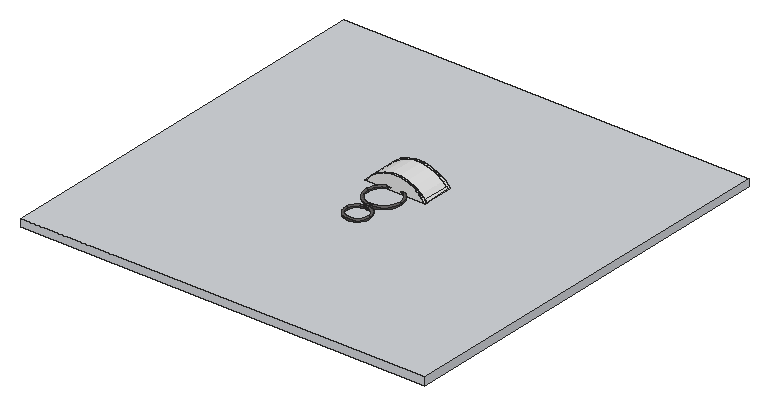
Revit family "P710058-031-30", category Lighting Fixtures, host Face, Revit 2014
Parameters (values of type "P710058-031-30")
  Watts = 9 W
  Wattage Comments = "9W"
  Wattage = 9 W
  Warranty = "5 years Warranty"  # constant formula
  built-in parameter 1150110 = 1 (stored number, unit not read)
  Voltage = 120 V
  URL = "https://www.hubbell.com/progresslighting/en"
  built-in parameter 1114217 = 1 (stored number, unit not read)
  Tilt Angle = -90.00°
  built-in parameter 1150109 = 1 (stored number, unit not read)
  built-in parameter 1150134 = 3
  built-in parameter 1150113 = 1 (stored number, unit not read)
  Product Link = "https://www.hubbell.com/progresslighting/en/Products/Lighting-Controls/Residential-Indoor-Lighting/Sconces-Wall-Brackets/LED-Shaded-Sconce-Collection-Black-One-Light-Circle-LED-Wall-Sconce/p/3980837"
  Product Documentation Link = "https://hubbellcdn.com/specsheet/PROG_P710058-031-30_spec.pdf"
  Power Factor = 1
  Photometric Web File = "generic.ies"
  Model = "P710058-031-30"  # constant formula
  Manufacturer = "Progress Lighting"  # constant formula
  built-in parameter 1150105 = 57.296 (stored number, unit not read)
  Lumens = 720 lm
  built-in parameter 1150115 = 1 (stored number, unit not read)
  Load Classification = Lighting
  built-in parameter 1150137 = (empty or 0)
  built-in parameter 1150139 = (empty or 0)
  Diameter = 14.00"
  built-in parameter 1150112 = 1 (stored number, unit not read)
  built-in parameter 1150114 = 1 (stored number, unit not read)
  Lamp = "LED"  # constant formula
  built-in parameter 1150132 = (empty or 0)
  built-in parameter 1150102 = (empty or 0)
  built-in parameter 1150107 = 3200 (stored number, unit not read)
  built-in parameter 1150138 = (empty or 0)
  built-in parameter 1150106 = 0.57296 (stored number, unit not read)
  Housing Material = Paint - Hubbell - Textured Camera Black
  Fabric = Paint - Hubbell - White Texture
  Fixture distribution = "Direct"  # constant formula
  Features = "• Summer Linen fabric Shade\r\n• This wall sconce is ideal for corridor and hotel lighting.\r\n• Circular forms created a stunning black frame.\r\n• The light fixture is topped by a summer linen shade that creates a calming glow sure to\r\nwelcome tired travelers.\r\n• Ideal for any hallway, foyer, living room, sitting room, or bedroom.\r\n• Perfect for mid-century modern, transitional, modern, or contemporary settings.\r\n• Measures 14-inch width by 21-1/4-inch height.\r\n• Uses one LED module (9w max).\r\n• Compatible with many Triac/ELV dimmers (see dimming controls)\r\n• Includes installation instructions and mounting hardware.\r\n• Progress Lighting products are designed for exceptional quality, reliability, and functionality.\r\n• Dimmable to 10% brightness (See Dimming Notes)\r\n• Canopy covers a standard 4” recessed outlet box: 8 in W., 6.5 in ht., 0.812 in depth\r\n• Mounting plate for outlet box included\r\n• 6 in of wire supplied\r\n• Americans With Disabilities Act (ADA) compliant"  # constant formula
  Height = 3.87"
  built-in parameter 1150104 = 7.4322 (stored number, unit not read)
  Dimming Lamp Color Temperature Shift = <None>
  Description = "This wall sconce is ideal for corridor and hotel lighting. Circular forms created\r\na stunning black frame. The light fixture is topped by a summer linen shade\r\nthat creates a calming glow sure to welcome tired travelers.\r"  # constant formula
  Default Elevation = 48.00"
  Copyright = " ©2020 Progress Lighting, a division of Hubbell Lighting, Inc"  # constant formula
  Contact = "https://www.hubbell.com/progresslighting/en/contactUs"
  Connector Description = "Lighting Connector"  # constant formula
  Color Filter = 16777215
  built-in parameter 1114218 = 1 (stored number, unit not read)
  built-in parameter 1150133 = 10 (stored number, unit not read)
  Assembly Code = "D5020200"
  Apparent Load = Watts / Power Factor  # 9 VA
Reference planes (in)
  plane 1 "Center (Front/Back)": y = 0
  plane 2: z = 0.5561
  plane 3 "Center (Left/Right)": x = 0
  plane 4: x = -7
  plane 5: x = 7
  plane 6: y = 10.5
  plane 7: y = -10.5
  plane 8: z = 4.4261
  plane 9: z = 1.3061
  plane 10: y = 3.1875
Forms (in)
  Extrusion 1, solid
    sketch origin (0, 0, 0) x (1, 0, 0) y (0, 1, 0)
      loop
        line (-48, 48) -> (-48, -48) -> (48, -48) -> (48, 48) -> (-48, 48)
    from 0.5561 to -1.25
  Extrusion 2, solid, material "Paint - Hubbell - White Texture" <- "Fabric"
    sketch origin (0, 0, 0) x (1, 0, 0) y (0, 0, 1)
      loop
        line (-7.1133, 0.5561) -> (7.1133, 0.5561)
        arc (7.1133, 0.5561) -> (0, 4.04394) -> (-7.1133, 0.5561) r 8.99756
    from -10.5 to -3.1875
  Sweep 3, solid, material "Paint - Hubbell - Textured Camera Black" <- "Housing Material"
    path origin (0, 1.5, 0) x (1, 0, 0) y (0, 1, 0)
      loop
        circle (0, -1.74895) r 4
    profile origin (0, 3.75105, 0) x (0, -1, 0) y (0, 0, 1)
      loop
        circle (0, 1) r 0.25
  Sweep 4, solid, material "Paint - Hubbell - Textured Camera Black" <- "Housing Material"
    path origin (0, -6.67188, 0) x (1, 0, 0) y (0, 1, 0)
      loop
        circle (0, -1.24895) r 2.75
    profile origin (0, -5.17082, 0) x (0, -1, 0) y (0, 0, 1)
      loop
        circle (0, 1) r 0.25
  Sweep 5, solid, material "Paint - Hubbell - Textured Camera Black" <- "Housing Material"
    path origin (0, -0.0625, 0) x (0, 1, 0) y (0, 0, 1)
      loop
        line (-4.23591, 1.42226) -> (-5.06673, 1.42226)
        arc (-5.06673, 1.42226) -> (-5.35399, 1.30327) -> (-5.47298, 1.01601) r 0.40625
        line (-5.47298, 1.01601) -> (-5.47298, 0.96235)
        arc (-5.47298, 0.96235) -> (-5.35399, 0.67509) -> (-5.06673, 0.5561) r 0.40625
        line (-5.06673, 0.5561) -> (-4.23469, 0.5561)
        arc (-4.23469, 0.5561) -> (-3.94742, 0.67509) -> (-3.82844, 0.96235) r 0.40625
        line (-3.82844, 0.96235) -> (-3.82844, 1.01479)
        arc (-3.82844, 1.01479) -> (-3.94778, 1.30291) -> (-4.23591, 1.42226) r 0.40748
    profile origin (0, -4.71382, 1.42226) x (0, 0, -1) y (1, 0, 0)
      loop
        line (0.07534, 0.52374) -> (0.07534, -0.52519) -> (0.10805, -0.52519) -> (0.10805, 0.52374) -> (0.07534, 0.52374)
  Extrusion 6, solid, material "Paint - Hubbell - White Texture" <- "Fabric"
    sketch origin (0, 0, 0) x (1, 0, 0) y (0, 0, 1)
      loop
        line (7.1133, 0.5561) -> (7.1133, 0.63865)
        arc (7.1133, 0.63865) -> (0, 4.09472) -> (-7.1133, 0.63865) r 9.04834
        line (-7.1133, 0.63865) -> (-7.1133, 0.5561)
        arc (-7.1133, 0.5561) -> (0, 4.04394) -> (7.1133, 0.5561) r 8.99756
    from -10.5 to -10.07003
  Extrusion 7, solid, material "Paint - Hubbell - White Texture" <- "Fabric"
    sketch origin (0, 13.6875, 0) x (1, 0, 0) y (0, 0, -1)
      loop
        arc (7.1133, -0.5561) -> (0, -4.04394) -> (-7.1133, -0.5561) r 8.99756
        line (-7.1133, -0.5561) -> (-7.1133, -0.63865)
        arc (-7.1133, -0.63865) -> (0, -4.09472) -> (7.1133, -0.63865) r 9.04834
        line (7.1133, -0.63865) -> (7.1133, -0.5561)
    from -10.5 to -10.07003
  Extrusion 8, solid, material "Paint - Hubbell - White Texture" <- "Fabric"
    sketch origin (0, 0, 0) x (1, 0, 0) y (0, 0, 1)
      loop
        arc (-7.11299, 0.55648) -> (-6.95571, 0.75377) -> (-6.79297, 0.94657) r 8.99756
        line (-6.79297, 0.94657) -> (-6.79297, 1.02373)
        arc (-6.79297, 1.02373) -> (-6.95564, 0.83358) -> (-7.11299, 0.63902) r 9.04835
        line (-7.11299, 0.63902) -> (-7.11299, 0.55648)
      loop
        line (7.11299, 0.55648) -> (7.11299, 0.63902)
        arc (7.11299, 0.63902) -> (6.95564, 0.83358) -> (6.79297, 1.02373) r 9.04835
        line (6.79297, 1.02373) -> (6.79297, 0.94657)
        arc (6.79297, 0.94657) -> (6.95571, 0.75377) -> (7.11299, 0.55648) r 8.99756
    from -10.07003 to -3.61747
Dimensions and locks (in)
  "Diameter": plane 4 to plane 5
  "Height": plane 8 to plane 2
  equal spacing: plane 7, plane 1 "Center (Front/Back)", plane 6
  equal spacing: plane 4, plane 3 "Center (Left/Right)", plane 5
  plane 8 to Extrusion 1 = 3.87"
  plane 8 to plane 9 = 3.12"
  plane 7 to plane 6 = 21.00"
  aligned and locked: plane 2 to Extrusion 1
  aligned and locked: plane 10 to Extrusion 2
Automatic sketch dimensions
  Extrusion 1 sketch curve to Extrusion 1 sketch curve = 96.00"  (x2)
  Extrusion 2 sketch curve to plane 2 = 0.00"
  Extrusion 2 sketch curve to plane 3 "Center (Left/Right)" = 0.00"
  Extrusion 2 sketch curve to plane 4 = 0.1133"
  Extrusion 2 sketch curve to level = 4.95362"
  Sweep 3 sketch curve to plane 3 "Center (Left/Right)" = 0.00"
  plane 1 "Center (Front/Back)" to Sweep 3 sketch curve = 0.24895"
  Sweep 3 sketch curve to profile plane = 0.00"
  level to Sweep 3 sketch curve = 1.00"
  Sweep 4 sketch curve to plane 3 "Center (Left/Right)" = 0.00"
  Sweep 4 sketch curve to plane 7 = 2.57918"
  Sweep 4 sketch curve to profile plane = 0.00"
  level to Sweep 4 sketch curve = 1.00"
  Sweep 5 sketch curve to plane 2 = 0.00"
  Sweep 5 sketch curve to plane 9 = 0.34375"
  Sweep 5 sketch curve to plane 7 = 4.96452"
  plane 9 to Sweep 5 sketch curve = 0.11616"
  Sweep 5 sketch curve to Sweep 5 sketch curve = 0.00"
  Sweep 5 sketch curve to plane 9 = 0.29132"
  Sweep 5 sketch curve to Sweep 5 sketch curve = 0.83082"
  Sweep 5 sketch curve to Sweep 5 sketch curve = 0.00123"
  Sweep 5 sketch curve to profile plane = 0.07534"
  Sweep 5 sketch curve to Sweep 5 sketch curve = 0.0327"
  Sweep 5 sketch curve to plane 3 "Center (Left/Right)" = 0.52519"
  plane 3 "Center (Left/Right)" to Sweep 5 sketch curve = 0.52374"
  Extrusion 6 sketch curve to Extrusion 6 sketch curve = 0.00"  (x2)
  Extrusion 6 sketch curve to plane 2 = 0.00"  (x2)
  Extrusion 6 sketch curve to plane 3 "Center (Left/Right)" = 0.00"
  Extrusion 6 sketch curve to plane 4 = 0.1133"
  Extrusion 6 sketch curve to level = 4.95362"
  plane 2 to Extrusion 6 sketch curve = 0.08254"
  Extrusion 7 sketch curve to Extrusion 7 sketch curve = 0.00"  (x2)
  Extrusion 7 sketch curve to plane 2 = 0.00"  (x2)
  Extrusion 7 sketch curve to plane 3 "Center (Left/Right)" = 0.00"
  Extrusion 7 sketch curve to plane 4 = 0.1133"
  plane 2 to Extrusion 7 sketch curve = 0.08254"
  Extrusion 7 sketch curve to level = 4.95362"
  plane 2 to Extrusion 8 sketch curve = 0.00038"  (x2)
  Extrusion 8 sketch curve to plane 4 = 0.11299"
  plane 4 to Extrusion 8 sketch curve = 0.20703"
  Extrusion 8 sketch curve to plane 3 "Center (Left/Right)" = 0.00056"
  Extrusion 8 sketch curve to Extrusion 8 sketch curve = 0.00"  (x3)
  plane 3 "Center (Left/Right)" to Extrusion 8 sketch curve = 0.00056"
  Extrusion 8 sketch curve to plane 5 = 0.20703"
  plane 5 to Extrusion 8 sketch curve = 0.11299"
  Extrusion 8 sketch curve to level = 4.95293"
  Extrusion 8 sketch curve to Extrusion 8 sketch curve = 0.00001"  (x2)
  Extrusion 8 sketch curve to Extrusion 8 sketch curve = 0.08254"  (x2)
  radius of Sweep 3 sketch curve = 4.00"
  radius of Sweep 3 sketch curve = 0.25"
  radius of Sweep 4 sketch curve = 2.75"
  radius of Sweep 4 sketch curve = 0.25"
Connectors (in)
  electrical at (0, 3.1875, 0.5561), driven by "Load Classification", driven by "Voltage", driven by "Power Factor", driven by "Connector Description"
    settings: on Extrusion 2, index 1, voltage 120 V, apparent load 0 VA, apparent load phase1 0 VA, apparent load phase2 0 VA, apparent load phase3 0 VA, power factor 1, load classification "Lighting", number of poles 1, system type 30, power factor state 1, is connector primary yes, connector utility no, sub classification motor no, connector description "Lighting Connector"
